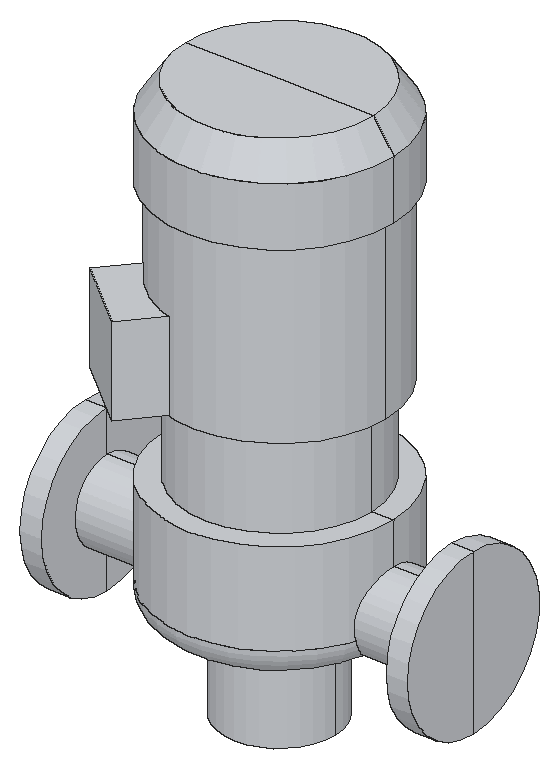
Revit family "68ac772eb0a247aea8990691d76e37d7", category Mechanical Equipment, Revit 2021
Family settings
  Round Connector Dimension = Use Radius
  Classification = Pump
  Part Type = Normal
  OmniClass Number = 23.60.30.21
  OmniClass Title = Pumps
  Work Plane-Based = No
  Always vertical = Yes
  Cut with Voids When Loaded = No
  Shared = No
  Room Calculation Point = No
Parameters (values of type "1.1 kW - 2" Suction - 2" Discharge")
  Voltage [instance] = 230 V
  Symbol Radius = Motor Radius  # 3 15/16"
  Suction Nominal Radius = 1"
  Suction Nominal Diameter = Suction Nominal Radius * 2  # 2"
  Suction Flange Thickness = 191/256"
  Suction Flange Radius = Suction Flange Diameter / 2  # 2 211/256"
  Suction Flange Diameter = 5 83/128"
  Suction Body Radius = Suction Nominal Radius * 1.15 + 1/4"  # 1.4"
  Pump Material = none
  Number of Poles [instance] = 2
  Load Classification = Appliance - Dwelling Unit
  Length 1 = Motor Radius * 1.25  # 4 59/64"
  Length = 13 99/256"
  Height = 19 155/256"
  Flow [instance] = 0 GPM
  Discharge Flange Thickness = 191/256"
  Discharge Flange Radius = Discharge Flange Diameter / 2  # 2.82352"
  Discharge Flange Diameter = 5.64705"
  Discharge Nominal Radius = 1"
  Discharge Nominal Diameter = Discharge Nominal Radius * 2  # 2"
  Discharge Height = 4 135/256"
  Discharge Body Radius = Discharge Nominal Radius * 1.15 + 1/4"  # 1.4"
  Motor Radius = Motor Diameter / 2  # 3 15/16"
  Motor Diameter = 7 7/8"
  Default Elevation = 0"
  Apparent Load [instance] = 0 VA
Reference planes (in)
  plane 1 "Center (Front/Back)": y = 0
  plane 2: z = 0
  plane 3 "Center (Left/Right)": x = 0
  plane 4: z = 19.60547
  plane 5: z = 4.52734
  plane 6 "base top": z = 0.5
  plane 7: z = 16.54182
  plane 8: z = 3.12734
  plane 9: z = 10.41452
  plane 10: x = -6.69336
  plane 11: z = 7.35087
  plane 12: z = 13.47817
  plane 13: x = 6.69336
  plane 14: z = 17.56304
  plane 15: z = 18.58425
  plane 16: x = -1.03686
  plane 17: x = 1.03686
Forms (in)
  Revolve 1, solid, material <- "Pump Material"
    sketch origin (0, 0, 0) x (1, 0, 0) y (0, 0, 1)
      loop
        line (-1.9375, 3.12734) -> (-1.9375, 0) -> (0, 0) -> (0, 19.60547) -> (-3.24605, 19.60547) -> (-3.9375, 18.58425) -> (-3.9375, 16.54182) -> (-3.6875, 16.54182) -> (-3.6875, 10.41452) -> (-3.1875, 10.41452) -> (-3.1875, 7.35087) -> (-3.9375, 7.35087) -> (-3.9375, 4.12734)
        arc (-3.9375, 4.12734) -> (-3.64461, 3.42024) -> (-2.9375, 3.12734) r 1
        line (-2.9375, 3.12734) -> (-1.9375, 3.12734)
      axis (0, 19.60547) -> (0, 0)
    angle from 0 to 360
  Revolve 2, solid, material <- "Pump Material"
    sketch origin (0, 0, 0) x (1, 0, 0) y (0, 0, 1)
      loop
        line (-6.69336, 7.35087) -> (-6.69336, 4.52734) -> (6.69336, 4.52734) -> (6.69336, 7.35156) -> (5.94727, 7.35156) -> (5.94727, 5.92734) -> (1.03686, 5.92734) -> (-1.03686, 5.92734) -> (-5.94727, 5.92734) -> (-5.94727, 7.35087) -> (-6.69336, 7.35087)
      axis (-6.69336, 4.52734) -> (6.69336, 4.52734)
    angle from 0 to 360
  Extrusion 3, solid, not visible
    sketch origin (0, 0, 0) x (0, 1, 0) y (0, 0, 1)
      loop
        circle (0, 4.52734) r 0.25
    from -6.69336 to 6.69336
  Extrusion 4, solid, material <- "Pump Material"
    sketch origin (0, 0, 0) x (-0.766044, 0.642788, 0) y (-0.642788, -0.766044, 0)
      loop
        line (1.5, 0) -> (1.5, 4.92188) -> (-1.5, 4.92188) -> (-1.5, 0) -> (1.5, 0)
    from 10.41452 to 13.47817
Lines and regions (in)
  Masking region 1, detail levels fine
    outline origin (0, 0, 0) x (1, 0, 0) y (0, 1, 0)
      loop
        line (-3.6802, 1.4) -> (-5.94727, 1.4) -> (-5.94727, 2.82352) -> (-6.69336, 2.82352) -> (-6.69336, -0.00925) -> (-6.69336, -2.82352) -> (-5.94727, -2.82352) -> (-5.94727, -1.4) -> (-3.6802, -1.4)
        arc (-3.6802, -1.4) -> (0, -3.9375) -> (3.6802, -1.4) r 3.9375
        line (3.6802, -1.4) -> (5.94727, -1.4) -> (5.94727, -2.82422) -> (6.69336, -2.82422) -> (6.69336, 2.82422) -> (5.94727, 2.82422) -> (5.94727, 1.4) -> (3.6802, 1.4)
        arc (3.6802, 1.4) -> (0, 3.9375) -> (-3.6802, 1.4) r 3.9375
  symbolic lines, detail levels fine
    curve 1: line (-5.94727, 1.4, 0) -> (-5.94727, -1.4, 0)
    curve 2: line (5.94727, 1.4, 0) -> (5.94727, -1.4, 0)
    curve 3: circle (0, 0, 0) r 3.1875 normal (0, 0, 1)
    curve 5: circle (0, 0, 0) r 3.9375 normal (0, 0, 1)
  reference lines, not visible
    curve 4: line (0, 0, 0) -> (-3.25569, 2.73185, 0)
Dimensions and locks (in)
  "Discharge Flange Radius": Revolve 2 sketch curve to Revolve 2 sketch curve
  "Discharge Body Radius": plane 5 to plane 8
  "Suction Body Radius": Revolve 2 sketch curve to Revolve 2 sketch curve
  "Discharge Flange Radius": Masking region 1 sketch curve to plane 1 "Center (Front/Back)"  (x2)
  "Discharge Flange Thickness": plane 10 to Masking region 1 sketch curve
  "Discharge Body Radius": Masking region 1 sketch curve to plane 1 "Center (Front/Back)"  (x2)
  "Discharge Flange Radius": plane 11 to plane 5
  equal spacing: plane 4, plane 7, plane 12, plane 9, plane 11
  "Motor Radius": Revolve 1 sketch curve to Revolve 1 sketch curve
  "Discharge Flange Thickness": Revolve 2 sketch curve to Revolve 2 sketch curve
  "Suction Flange Thickness": Revolve 2 sketch curve to Revolve 2 sketch curve
  equal spacing: plane 4, plane 15, plane 14, plane 7
  locked: Revolve 1 sketch curve to Revolve 1 sketch curve at 0.5
  "Length 1": Extrusion 4 sketch curve to Extrusion 4 sketch curve
  locked: Revolve 1 sketch curve to Revolve 1 sketch curve at 0.25
  Revolve 1 sketch curve to Revolve 1 sketch curve = 1"
  locked: plane 6 "base top" to level at 0.5
  "Height": plane 4 to level
  "Discharge Height": plane 5 to level
  equal spacing: plane 13, plane 3 "Center (Left/Right)", plane 10
  "Length": plane 13 to plane 10
  "Suction Flange Radius": Revolve 2 sketch curve to Revolve 2 sketch curve
  equal spacing: plane 17, plane 3 "Center (Left/Right)", plane 16
  locked: plane 17 to plane 3 "Center (Left/Right)" at 1.03686
  "Discharge Body Radius": Revolve 2 sketch curve to Revolve 2 sketch curve
  "Suction Flange Thickness": Masking region 1 sketch curve to Revolve 2
  "Suction Flange Radius": plane 1 "Center (Front/Back)" to Masking region 1 sketch curve
  "Suction Flange Radius": Masking region 1 sketch curve to plane 1 "Center (Front/Back)"
  "Suction Body Radius": plane 1 "Center (Front/Back)" to Masking region 1 sketch curve
  "Suction Body Radius": Masking region 1 sketch curve to plane 1 "Center (Front/Back)"
  radius of Extrusion 3 sketch curve = 1/4"
  radius of Revolve 1 sketch curve = 1"
  "Motor Radius": radius of Masking region 1 sketch curve  (x2)
  locked: curve 4 to plane 1 "Center (Front/Back)" (angle 40.00°)
  aligned and locked: Revolve 1 sketch curve to plane 3 "Center (Left/Right)"
  aligned and locked: Revolve 2 sketch curve to plane 5
  aligned and locked: Revolve 2 sketch curve to Revolve 2 sketch curve
  aligned and locked: Masking region 1 sketch curve to Masking region 1 sketch curve  (x3)
  aligned and locked: Revolve 1 sketch curve to Revolve 1 sketch curve  (x2)
  aligned and locked: plane 4 to Revolve 1 sketch curve
  aligned and locked: Revolve 2 sketch curve to plane 10
  aligned and locked: Revolve 2 sketch curve to plane 13
  aligned and locked: Revolve 1 sketch curve to plane 9
  aligned and locked: Masking region 1 sketch curve to plane 10
  aligned and locked: Masking region 1 sketch curve to plane 13
  aligned and locked: Masking region 1 to curve 1  (x2)
  aligned and locked: curve 1 to Masking region 1
  aligned and locked: plane 1 "Center (Front/Back)" to Extrusion 3 sketch curve
  aligned and locked: plane 5 to Extrusion 3 sketch curve
  aligned and locked: Extrusion 3 to plane 10
  aligned and locked: plane 13 to Extrusion 3
  aligned and locked: Revolve 1 sketch curve to plane 11
  aligned and locked: plane 1 "Center (Front/Back)" to curve 4
  aligned and locked: plane 3 "Center (Left/Right)" to curve 4
  aligned and locked: Extrusion 4 sketch curve to curve 4
  aligned and locked: Extrusion 4 to plane 9
  aligned and locked: plane 12 to Extrusion 4
  aligned and locked: Revolve 1 sketch curve to plane 7
  aligned and locked: plane 15 to Revolve 1 sketch curve
  aligned and locked: plane 8 to Revolve 1 sketch curve
  aligned and locked: Revolve 1 sketch curve to level
  aligned and locked: plane 16 to Revolve 2 sketch curve
  aligned and locked: plane 17 to Revolve 2 sketch curve
  aligned and locked: nested 1 to plane 3 "Center (Left/Right)"
  aligned and locked: plane 1 "Center (Front/Back)" to nested 1
  aligned and locked: curve 2 to Masking region 1  (x2)
  aligned and locked: Masking region 1 to curve 2
  aligned and locked: plane 3 "Center (Left/Right)" to Masking region 1 sketch curve  (x2)
  aligned and locked: plane 1 "Center (Front/Back)" to Masking region 1 sketch curve  (x2)
  aligned and locked: curve 5 to Masking region 1
  aligned and locked: curve 3 to Revolve 1
Automatic sketch dimensions
  plane 10 to curve 1 = 191/256"
  curve 2 to plane 13 = 191/256"
  plane 1 "Center (Front/Back)" to curve 2 = 1.4"
  plane 1 "Center (Front/Back)" to curve 1 = 1.4"
  curve 2 to plane 1 "Center (Front/Back)" = 1.4"
  curve 1 to plane 1 "Center (Front/Back)" = 1.4"
  Revolve 1 sketch curve to Revolve 1 sketch curve = 0.69145"
  Revolve 1 sketch curve to Revolve 1 sketch curve = 3.86576"
  Revolve 1 sketch curve to Revolve 1 sketch curve = 21.44283"
  Revolve 2 sketch curve to plane 10 = 6.76464"
  Revolve 2 sketch curve to plane 13 = 0.16856"
  plane 1 "Center (Front/Back)" to Masking region 1 sketch curve = 0.00925"
  Extrusion 4 sketch curve to curve 4 = 1 1/2"
  curve 4 to Extrusion 4 sketch curve = 1 1/2"
Nested families (in)
  nested 1: "Pump Symbol" at (0, 0, 0) x (0, -1, 0) z (0, 0, 1), Symbol Radius <- "Symbol Radius", type "Pump Symbol", detail levels coarse+medium
    with Symbol Radius 3 15/16", Symbol Length 2 3.40998", Symbol Length 1 1 31/32"
Connectors (in)
  electrical at (-3.16372, -3.77037, 11.94634), driven by "Number of Poles", driven by "Load Classification", driven by "Voltage", driven by "Apparent Load"
    settings: on Extrusion 4, index 3, voltage 230 V, apparent load 0 VA, apparent load phase1 0 VA, apparent load phase2 0 VA, apparent load phase3 0 VA, power factor 0.8, load classification "Appliance - Dwelling Unit", number of poles 2, system type 30, power factor state 1, is connector primary yes, connector utility no, sub classification motor no, connector description "Power"
  piping at (6.69336, 0, 4.52734), diameter 2, driven by "Suction Nominal Radius", driven by "Flow"
    settings: on Extrusion 3, index 4, connector inside diameter 24", connector length 0", flow factor 0, pipe flow 0 GPM, pressure drop 0.00 psi, fitting loss kfactor 0, connector angle 0.00°, fixture units 0, engagement length 0", angle of deflection 0.00°, flow configuration 0, flow direction 1, fitting loss method 0, system type 29, joint type 0, gender type 0, connector reference index 5, connector utility 0, adjustable connector no, is connector primary yes, connector description "In"
  piping at (-6.69336, 0, 4.52734), diameter 2, driven by "Flow", driven by "Discharge Nominal Radius"
    settings: on Extrusion 3, index 5, connector inside diameter 24", connector length 0", flow factor 0, pipe flow 0 GPM, pressure drop 0.00 psi, fitting loss kfactor 0, connector angle 0.00°, fixture units 0, engagement length 0", angle of deflection 0.00°, flow configuration 0, flow direction 2, fitting loss method 0, system type 29, joint type 0, gender type 0, connector reference index 4, connector utility 0, adjustable connector no, is connector primary no, connector description "Out"
Definition of nested family "Pump Symbol"
  Parameters (values of type "Pump Symbol")
    Symbol Radius [instance] = 24"
    Symbol Length 2 [instance] = cos(30.00°) * Symbol Radius  # 20.78461"
    Symbol Length 1 [instance] = sin(30.00°) * Symbol Radius  # 12"
  Reference planes (in)
    plane 1 "Center (Front/Back)": y = 0
    plane 2: z = 0
    plane 3 "Center (Left/Right)": x = 0
    plane 4: y = 12
    plane 5: y = -24
    plane 6: x = -20.78461
    plane 7: x = 20.78461
  Lines and regions (in)
    Filled region 1, type "Concrete Block", in view "Ref. Level"
      outline origin (0, 0, 0) x (1, 0, 0) y (0, 1, 0)
        loop
          line (-20.78461, 12) -> (0, -24) -> (20.78461, 12) -> (-20.78461, 12)
    detail lines, in view "Ref. Level"
      curve 1: circle (0, 0, 0) r 24 normal (0, 0, 1)
  Dimensions and locks (in)
    "Symbol Radius": plane 1 "Center (Front/Back)" to plane 5
    "Symbol Length 1": plane 4 to plane 1 "Center (Front/Back)"
    "Symbol Length 2": plane 6 to plane 3 "Center (Left/Right)"
    "Symbol Length 2": plane 3 "Center (Left/Right)" to plane 7
    "Symbol Radius": radius of curve 1
    aligned and locked: plane 3 "Center (Left/Right)" to curve 1
    aligned and locked: plane 1 "Center (Front/Back)" to curve 1
  Automatic sketch dimensions
    Filled region 1 sketch curve to plane 4 = 0"
    Filled region 1 sketch curve to plane 6 = 0"
    Filled region 1 sketch curve to plane 3 "Center (Left/Right)" = 0"
    Filled region 1 sketch curve to plane 7 = 0"
    Filled region 1 sketch curve to plane 5 = 0"
